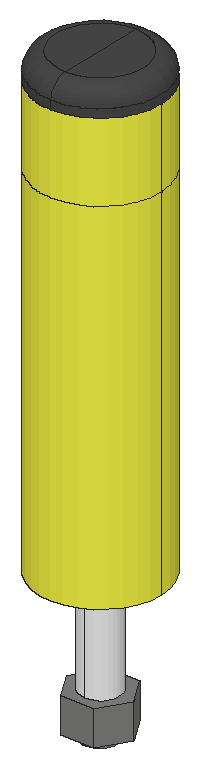
Revit family "Safety & Protection_Bollard_UltiGroup_Bollard Rod", category Generic Models, Revit 2016
Family settings
  Part Type = Normal
  Can host rebar = No
  Round Connector Dimension = Use Diameter
  OmniClass Number = 23.40.10.14.27
  OmniClass Title = Bollards
  Work Plane-Based = No
  Always vertical = Yes
  Cut with Voids When Loaded = No
  Shared = No
  Room Calculation Point = No
Parameters (values of type "Bollard Rod PE 70 266 RE")
  URL = "www.ultigroup.co.nz"
  Toll Free Phone = "0800 807 753"
  Support depth = 80 mm
  StyleOrType_ANZRS = ""
  Stainless Steel = Stainless Steel
  Send Message = "http://ultigroup.co.nz/contact-ulti-group/"
  Rod PE 70 radius = 35 mm
  Rod PE 120 radius = 60 mm
  Rod PE 120 = no
  Model = "Ulti Bollard Rod PE 70 266 RE"
  Description = "Impactable PVC Bollard Rod Type Support"
  Bollard Height PE 70 = 266 mm
  Phone = "07 974 4691"
  Rod PE 70 = yes
  PVC Yellow = PVC Yellow
  PVC Black = PVC Black
  ModifiedIssue_ANZRS = 0
  Manufacturer = "UltiGroup"
  InstallationGroup_ANZRS = 0
  FireRating_ANZRS = ""
  FilterObject_ANZRS = ""
  Fax = "07 846 2467"
  CreatedBy_ANZRS = "UltiGroup"
  CreatedByURL_ANZRS = "www.ultigroup.co.nz"
  CreatedByPhoneNo_ANZRS = "07 974 4691"
  Bollard Height PE 120 = 433 mm
  Aluminium = Aluminium
  Address = "17 McKee Street, Te Rapa, Hamilton, 3200, New Zealand"
  AcousticRating_ANZRS = ""
Types (4, lengths in mm): name | Rod PE 120 | Model | Rod PE 70 | Bollard Height PE 120
  (no name) | no | "Ulti Bollard Rod PE 70 266 RE" | yes | 433
  Bollard Rod PE 70 266 RE | no | "Ulti Bollard Rod PE 70 266 RE" | yes | 433
  Bollard Rod PE 120 433 RE | yes | "Ulti Bollard Rod PE 120 433 RE" | no | 433
  Bollard Rod PE 120 560 RE | yes | "Ulti Bollard Rod PE 120 560 RE" | no | 560
Reference planes
  plane 1 "Center (Front/Back)": y = 0
  plane 2: z = 0
  plane 3 "Center (Left/Right)": x = 0
  plane 4: z = 266
  plane 5: z = 251
  plane 6: z = 206
  plane 7: z = -80
  plane 8: z = 236
  plane 9: z = -60
  plane 10: z = 433
  plane 11: z = 418
  plane 12: z = 373
  plane 13: z = 403
Forms (mm)
  Revolve 1, solid, material "PVC Black" <- "PVC Black", visible <- "Rod PE 70"
    sketch origin (0, 0, 0) x (0, 1, 0) y (0, 0, 1)
      loop
        line (0, 266) -> (-25, 266)
        arc (-25, 266) -> (-32.071, 263.071) -> (-35, 256) r 10
        line (-35, 256) -> (-35, 251) -> (-25, 251) -> (-25, 241) -> (-20, 241) -> (-20, 251) -> (0, 251) -> (0, 266)
      axis (0, 266) -> (0, 241)
    angle from 0 to 360
  Extrusion 2, void
    sketch origin (0, 0, 0) x (0, 1, 0) y (1, 0, 0)
      loop
        circle (0, 0) r 10
    from 0 to -206
  Extrusion 3, solid, material "Aluminium" <- "Aluminium", visible <- "Rod PE 70"
    sketch origin (-333.801, -1524, -80) x (-1, 0, 0) y (0, -1, 0)
      loop
        circle (-333.801, -1524) r 10
      loop
        circle (-333.801, -1524) r 11
    from 20 to 80
  Extrusion 4, solid, material "Stainless Steel" <- "Stainless Steel", visible <- "Rod PE 70"
    sketch origin (-333.801, -1524, -80) x (-1, 0, 0) y (0, -1, 0)
      loop
        circle (-333.801, -1524) r 10
    from -5 to 316
  Extrusion 5, solid, material "Stainless Steel" <- "Stainless Steel", visible <- "Rod PE 70"
    sketch origin (-333.801, -1524, -80) x (-1, 0, 0) y (0, -1, 0)
      loop
        line (-352.801, -1524) -> (-343.301, -1540.454) -> (-324.301, -1540.454) -> (-314.801, -1524) -> (-324.301, -1507.546) -> (-343.301, -1507.546) -> (-352.801, -1524)
      loop
        circle (-333.801, -1524) r 10
    from 0 to 20
  Extrusion 6, solid, material "Stainless Steel" <- "Stainless Steel", visible <- "Rod PE 70"
    sketch origin (-333.801, -1524, 206) x (-1, 0, 0) y (0, -1, 0)
      loop
        circle (-333.801, -1524) r 20
      loop
        circle (-333.801, -1524) r 10
    from 0 to 2
  Extrusion 7, solid, material "Stainless Steel" <- "Stainless Steel", visible <- "Rod PE 70"
    sketch origin (-333.801, -1524, 208) x (-1, 0, 0) y (0, -1, 0)
      loop
        line (-352.801, -1524) -> (-343.301, -1540.454) -> (-324.301, -1540.454) -> (-314.801, -1524) -> (-324.301, -1507.546) -> (-343.301, -1507.546) -> (-352.801, -1524)
      loop
        circle (-333.801, -1524) r 10
    from 0 to 20
  Extrusion 8, solid, material "PVC Yellow" <- "PVC Yellow", visible <- "Rod PE 70"
    sketch origin (0, 0, 0) x (1, 0, 0) y (0, 1, 0)
      loop
        circle (0, 0) r 35
      loop
        circle (0, 0) r 10
    from 0 to 206
  Extrusion 9, solid, material "PVC Yellow" <- "PVC Yellow", visible <- "Rod PE 70"
    sketch origin (-333.801, -1524, 206) x (-1, 0, 0) y (0, -1, 0)
      loop
        circle (-333.801, -1524) r 35
      loop
        circle (-333.801, -1524) r 25
    from 0 to 45
  Extrusion 10, solid, material "PVC Yellow" <- "PVC Yellow", visible <- "Rod PE 120"
    sketch origin (0, 0, 0) x (1, 0, 0) y (0, 1, 0)
      loop
        circle (0, 0) r 60
      loop
        circle (0, 0) r 15
    from 0 to 373
  Extrusion 11, solid, material "Stainless Steel" <- "Stainless Steel", visible <- "Rod PE 120"
    sketch origin (-333.801, -1524, -80) x (-1, 0, 0) y (0, -1, 0)
      loop
        line (-361.801, -1524) -> (-347.801, -1548.249) -> (-319.801, -1548.249) -> (-305.801, -1524) -> (-319.801, -1499.751) -> (-347.801, -1499.751) -> (-361.801, -1524)
      loop
        circle (-333.801, -1524) r 15
    from 0 to 20
  Extrusion 12, solid, material "Stainless Steel" <- "Stainless Steel", visible <- "Rod PE 120"
    sketch origin (-333.801, -1524, -80) x (-1, 0, 0) y (0, -1, 0)
      loop
        circle (-333.801, -1524) r 15
    from -5 to 483
  Extrusion 13, solid, material "Stainless Steel" <- "Stainless Steel", visible <- "Rod PE 120"
    sketch origin (353.248, -1524, 373) x (0, -1, 0) y (-1, 0, 0)
      loop
        circle (-1524, 353.248) r 30
      loop
        circle (-1524, 353.248) r 15
    from -2 to 0
  Extrusion 14, solid, material "Stainless Steel" <- "Stainless Steel", visible <- "Rod PE 120"
    sketch origin (353.248, -1524, 375) x (0, -1, 0) y (1, 0, 0)
      loop
        line (-1524, -325.248) -> (-1548.249, -339.248) -> (-1548.249, -367.248) -> (-1524, -381.248) -> (-1499.751, -367.248) -> (-1499.751, -339.248) -> (-1524, -325.248)
      loop
        circle (-1524, -353.248) r 15
    from 0 to 20
  Extrusion 15, solid, material "Aluminium" <- "Aluminium", visible <- "Rod PE 120"
    sketch origin (-333.801, -1524, -60) x (-1, 0, 0) y (0, -1, 0)
      loop
        circle (-333.801, -1524) r 15
      loop
        circle (-333.801, -1524) r 16
    from 0 to 60
  Extrusion 16, solid, material "PVC Yellow" <- "PVC Yellow", visible <- "Rod PE 120"
    sketch origin (353.248, -1524, 373) x (0, -1, 0) y (-1, 0, 0)
      loop
        circle (-1524, 353.248) r 60
      loop
        circle (-1524, 353.248) r 40
    from -45 to 0
  Revolve 17, solid, material "PVC Black" <- "PVC Black", visible <- "Rod PE 120"
    sketch origin (0, 0, 0) x (0, 1, 0) y (0, 0, 1)
      loop
        line (0, 433) -> (-50, 433)
        arc (-50, 433) -> (-57.071, 430.071) -> (-60, 423) r 10
        line (-60, 423) -> (-60, 418) -> (-40, 418) -> (-40, 403) -> (-30, 403) -> (-30, 418) -> (0, 418) -> (0, 433)
      axis (0, 433) -> (0, 403)
    angle from 0 to 360
Cuts and joins
  joined: Extrusion 8, Extrusion 9
  joined: Extrusion 10, Extrusion 16
  joined: Extrusion 13, Extrusion 14
Dimensions and locks
  "Bollard Height PE 70": plane 4 to level
  locked: plane 4 to plane 5 at 15
  locked: plane 5 to plane 6 at 45
  "Support depth": level to plane 7
  locked: plane 5 to plane 8 at 15
  locked: plane 9 to plane 7 at 20
  "Bollard Height PE 120": plane 10 to level
  locked: plane 10 to plane 11 at 15
  locked: plane 11 to plane 12 at 45
  locked: plane 11 to plane 13 at 15
  "Rod PE 120 radius": radius of Extrusion 10 sketch curve
  aligned and locked: level to plane 2
  aligned and locked: Revolve 1 sketch curve to plane 1 "Center (Front/Back)"
  aligned and locked: plane 1 "Center (Front/Back)" to Revolve 1 sketch curve
  aligned and locked: plane 5 to Revolve 1 sketch curve
  aligned and locked: plane 4 to Revolve 1 sketch curve
  aligned and locked: plane 1 "Center (Front/Back)" to Extrusion 2 sketch curve
  aligned and locked: plane 3 "Center (Left/Right)" to Extrusion 2 sketch curve
  aligned and locked: Extrusion 2 to plane 6
  aligned and locked: level to Extrusion 3
  aligned and locked: Extrusion 4 to plane 8
  aligned and locked: Extrusion 5 sketch curve to Extrusion 4  (x2)
  aligned and locked: Extrusion 3 to Extrusion 5
  aligned and locked: Extrusion 5 to plane 9
  aligned and locked: plane 1 "Center (Front/Back)" to Extrusion 6 sketch curve
  aligned and locked: plane 3 "Center (Left/Right)" to Extrusion 6 sketch curve
  aligned and locked: Extrusion 6 sketch curve to Extrusion 4  (x2)
  aligned and locked: Extrusion 7 sketch curve to Extrusion 4  (x2)
  aligned and locked: plane 3 "Center (Left/Right)" to Extrusion 8 sketch curve  (x2)
  aligned and locked: plane 1 "Center (Front/Back)" to Extrusion 8 sketch curve  (x2)
  aligned and locked: Extrusion 8 to plane 6
  aligned and locked: plane 1 "Center (Front/Back)" to Extrusion 9 sketch curve
  aligned and locked: plane 3 "Center (Left/Right)" to Extrusion 9 sketch curve
  aligned and locked: Extrusion 9 to plane 5
  aligned and locked: plane 1 "Center (Front/Back)" to Extrusion 10 sketch curve  (x2)
  aligned and locked: plane 3 "Center (Left/Right)" to Extrusion 10 sketch curve  (x2)
  aligned and locked: plane 12 to Extrusion 10
  aligned and locked: plane 1 "Center (Front/Back)" to Extrusion 11 sketch curve
  aligned and locked: plane 3 "Center (Left/Right)" to Extrusion 11 sketch curve
  aligned and locked: Extrusion 11 to plane 9
  aligned and locked: plane 1 "Center (Front/Back)" to Extrusion 12 sketch curve
  aligned and locked: plane 3 "Center (Left/Right)" to Extrusion 12 sketch curve
  aligned and locked: plane 13 to Extrusion 12
  aligned and locked: plane 3 "Center (Left/Right)" to Extrusion 13 sketch curve  (x2)
  aligned and locked: plane 1 "Center (Front/Back)" to Extrusion 13 sketch curve  (x2)
  aligned and locked: plane 3 "Center (Left/Right)" to Extrusion 14 sketch curve
  aligned and locked: plane 1 "Center (Front/Back)" to Extrusion 14 sketch curve
  aligned and locked: plane 1 "Center (Front/Back)" to Extrusion 15 sketch curve  (x2)
  aligned and locked: plane 3 "Center (Left/Right)" to Extrusion 15 sketch curve  (x2)
  aligned and locked: level to Extrusion 15
  aligned and locked: plane 3 "Center (Left/Right)" to Extrusion 16 sketch curve  (x2)
  aligned and locked: plane 1 "Center (Front/Back)" to Extrusion 16 sketch curve  (x2)
  aligned and locked: plane 11 to Extrusion 16
  aligned and locked: Revolve 17 sketch curve to plane 1 "Center (Front/Back)"
  aligned and locked: plane 1 "Center (Front/Back)" to Revolve 17 sketch curve
  aligned and locked: plane 10 to Revolve 17 sketch curve
  aligned and locked: plane 11 to Revolve 17 sketch curve
  aligned and locked: plane 13 to Revolve 17 sketch curve
Automatic sketch dimensions
  Revolve 1 sketch curve to level = 520.992 mm
  plane 4 to Revolve 1 sketch curve = 2475.474 mm
  Revolve 1 sketch curve to Revolve 1 sketch curve = 5 mm  (x2)
  Revolve 1 sketch curve to plane 5 = 10 mm
  plane 1 "Center (Front/Back)" to Revolve 1 sketch curve = 20 mm
  Revolve 1 sketch curve to Revolve 1 sketch curve = 10 mm
  Revolve 1 sketch curve to plane 5 = 0 mm
  Extrusion 3 sketch curve to Extrusion 3 sketch curve = 0 mm  (x2)
  Extrusion 3 sketch curve to Extrusion 3 sketch curve = 1 mm
  plane 1 "Center (Front/Back)" to Extrusion 5 sketch curve = 0 mm  (x2)
  plane 3 "Center (Left/Right)" to Extrusion 5 sketch curve = 19 mm
  plane 3 "Center (Left/Right)" to Extrusion 5 sketch curve = 9.5 mm  (x2)
  Extrusion 5 sketch curve to plane 3 "Center (Left/Right)" = 9.5 mm  (x2)
  Extrusion 5 sketch curve to Extrusion 5 sketch curve = 9.5 mm
  Extrusion 5 sketch curve to plane 1 "Center (Front/Back)" = 16.454 mm
  plane 1 "Center (Front/Back)" to Extrusion 5 sketch curve = 16.454 mm
  Extrusion 7 sketch curve to Extrusion 7 sketch curve = 9.5 mm  (x5)
  Extrusion 7 sketch curve to Extrusion 7 sketch curve = 19 mm
  Extrusion 7 sketch curve to Extrusion 7 sketch curve = 6.454 mm  (x2)
  Extrusion 7 sketch curve to Extrusion 7 sketch curve = 16.454 mm
  Extrusion 7 sketch curve to Extrusion 7 sketch curve = 0 mm
  Extrusion 9 sketch curve to Extrusion 9 sketch curve = 0 mm  (x2)
  plane 1 "Center (Front/Back)" to Extrusion 11 sketch curve = 0 mm  (x2)
  plane 3 "Center (Left/Right)" to Extrusion 11 sketch curve = 28 mm
  plane 3 "Center (Left/Right)" to Extrusion 11 sketch curve = 14 mm  (x2)
  Extrusion 11 sketch curve to plane 3 "Center (Left/Right)" = 14 mm  (x2)
  Extrusion 11 sketch curve to Extrusion 11 sketch curve = 14 mm
  Extrusion 11 sketch curve to plane 1 "Center (Front/Back)" = 24.249 mm
  plane 1 "Center (Front/Back)" to Extrusion 11 sketch curve = 24.249 mm
  Extrusion 14 sketch curve to Extrusion 14 sketch curve = 0 mm  (x2)
  Extrusion 14 sketch curve to Extrusion 14 sketch curve = 24.249 mm  (x2)
  Extrusion 14 sketch curve to Extrusion 14 sketch curve = 14 mm  (x3)
  Extrusion 14 sketch curve to Extrusion 14 sketch curve = 28 mm  (x3)
  Revolve 17 sketch curve to plane 11 = 5 mm
  Revolve 17 sketch curve to plane 7 = 440.992 mm
  plane 10 to Revolve 17 sketch curve = 2308.474 mm
  plane 11 to Revolve 17 sketch curve = 0 mm
  Revolve 17 sketch curve to Revolve 17 sketch curve = 10 mm  (x2)
  plane 1 "Center (Front/Back)" to Revolve 17 sketch curve = 30 mm
  radius of Extrusion 2 sketch curve = 10 mm
  radius of Extrusion 6 sketch curve = 20 mm
  radius of Extrusion 8 sketch curve = 35 mm
  radius of Extrusion 8 sketch curve = 10 mm
  radius of Extrusion 9 sketch curve = 35 mm
  radius of Extrusion 9 sketch curve = 25 mm
  radius of Extrusion 11 sketch curve = 15 mm
  radius of Extrusion 12 sketch curve = 15 mm
  radius of Extrusion 13 sketch curve = 30 mm
  radius of Extrusion 13 sketch curve = 15 mm
  radius of Extrusion 14 sketch curve = 15 mm
  radius of Extrusion 15 sketch curve = 15 mm
  radius of Extrusion 15 sketch curve = 16 mm
  radius of Extrusion 16 sketch curve = 60 mm
  radius of Extrusion 16 sketch curve = 40 mm
  radius of Extrusion 10 sketch curve = 15 mm
